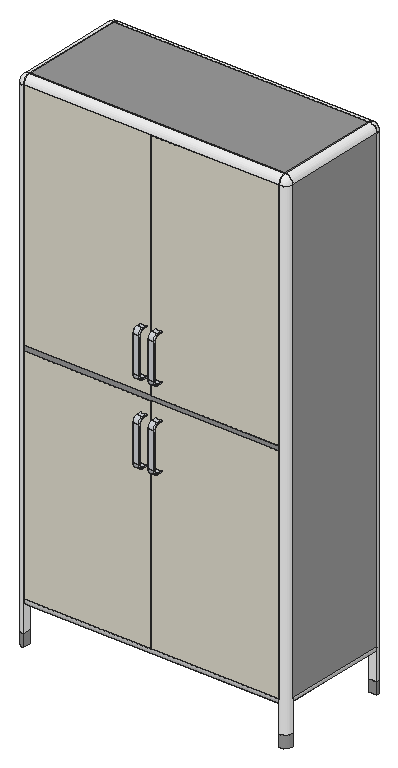
Revit family "Шкаф медицинский четырёхдверный ДМ-2-001-14", category Оборудование, Revit 2017
Family settings
  Размер круглого соединителя = Использовать диаметр
  Тип детали = Нормальный
  На основе рабочей плоскости = Нет
  Всегда вертикально = Да
  При загрузке вырезать с полостями = Нет
  Общий = Нет
  Точка расчета площади = Нет
Parameters (values of type "Тип")
  Фасад = Столешница медицинской мебели ДСП с пластиковым покрытием
  Ручки = Алюминий 7075
  Панели = Пластмасса, непрозрачная, белая
  Общ_Ширина = 900.0 mm
  Общ_Тип, марка = "ДМ-2-001-14"
  Общ_Примечание КР [instance] = ""
  Общ_Примечание АР [instance] = ""
  Общ_Примечание = ""
  Общ_Поставщик = "Доктор Мебель"
  Общ_Позиция = ""
  Общ_Наименование = "Шкаф медицинский четырёхдверный"
  Общ_Масса = ""
  Общ_Код продукции = ""
  Общ_Единицы измерения = "шт."
  Общ_Глубина = 400.0 mm
  Общ_Высота = 1700.0 mm
  Ножки = Пластмасса, непрозрачная, черная
  Keynote = ""
  Каркас = Алюминий 7075
  Длина ручек = 150.0 mm
  Model = ""
Reference planes
  plane 1 "По центру (Вперед/Назад)": y = 0
  plane 2: z = 0
  plane 3 "По центру (Влево/Вправо)": x = 0
  plane 4: x = 450
  plane 5: x = -450
  plane 6: y = 200
  plane 7: y = -200
  plane 8: y = 175
  plane 9: y = -175
Forms (mm)
  Extrusion 1, solid, material "Пластмасса, непрозрачная, черная" <- "Ножки", detail levels fine
    sketch origin (0, 0, 0) x (1, 0, 0) y (0, 1, 0)
      loop
        line (425, -175) -> (425, -200)
        arc (425, -200) -> (442.678, -192.678) -> (450, -175) r 25
        line (450, -175) -> (425, -175)
      loop
        line (425, 175) -> (450, 175)
        arc (450, 175) -> (442.678, 192.678) -> (425, 200) r 25
        line (425, 200) -> (425, 175)
      loop
        line (-425, -175) -> (-450, -175)
        arc (-450, -175) -> (-442.678, -192.678) -> (-425, -200) r 25
        line (-425, -200) -> (-425, -175)
      loop
        line (-425, 175) -> (-425, 200)
        arc (-425, 200) -> (-442.678, 192.678) -> (-450, 175) r 25
        line (-450, 175) -> (-425, 175)
    from 0 to 40
  Extrusion 2, solid, material "Алюминий 7075" <- "Каркас", detail levels fine
    sketch origin (0, 0, 0) x (1, 0, 0) y (0, 1, 0)
      loop
        arc (-425, 200) -> (-442.678, 192.678) -> (-450, 175) r 25
        line (-450, 175) -> (-425, 175) -> (-425, 200)
      loop
        line (425, 200) -> (425, 175) -> (450, 175)
        arc (450, 175) -> (442.678, 192.678) -> (425, 200) r 25
      loop
        line (450, -175) -> (425, -175) -> (425, -200)
        arc (425, -200) -> (442.678, -192.678) -> (450, -175) r 25
      loop
        line (-425, -200) -> (-425, -175) -> (-450, -175)
        arc (-450, -175) -> (-442.678, -192.678) -> (-425, -200) r 25
    from 1675 to 40
  Extrusion 3, solid, material "Пластмасса, непрозрачная, белая" <- "Панели", detail levels fine
    sketch origin (0, 0, 0) x (1, 0, 0) y (0, 1, 0)
      loop
        line (-425, 175) -> (-425, -175) -> (425, -175) -> (425, 175) -> (-425, 175)
    from 1675 to 1700
  Extrusion 4, solid, material "Пластмасса, непрозрачная, белая" <- "Панели", detail levels fine
    sketch origin (0, 0, 0) x (1, 0, 0) y (0, 1, 0)
      loop
        line (-425, 200) -> (-425, 184) -> (425, 184) -> (425, 200) -> (-425, 200)
      loop
        line (-450, 175) -> (-450, -175) -> (-434, -175) -> (-434, 175) -> (-450, 175)
      loop
        line (450, 175) -> (434, 175) -> (434, -175) -> (450, -175) -> (450, 175)
    from 1675 to 145
  Extrusion 5, solid, material "Столешница медицинской мебели ДСП с пластиковым покрытием" <- "Фасад", detail levels fine
    sketch origin (0, 0, 0) x (1, 0, 0) y (0, 1, 0)
      loop
        line (425, -184) -> (1, -184) -> (1, -200) -> (425, -200) -> (425, -184)
      loop
        line (-425, -184) -> (-425, -200) -> (-1, -200) -> (-1, -184) -> (-425, -184)
    from 145 to 884
  Extrusion 6, solid, material "Столешница медицинской мебели ДСП с пластиковым покрытием" <- "Фасад", detail levels fine
    sketch origin (0, 0, 0) x (1, 0, 0) y (0, 1, 0)
      loop
        line (425, -184) -> (1, -184) -> (1, -200) -> (425, -200) -> (425, -184)
      loop
        line (-425, -184) -> (-425, -200) -> (-1, -200) -> (-1, -184) -> (-425, -184)
    from 900 to 1675
  Revolve 7, solid, material "Алюминий 7075" <- "Каркас", detail levels fine
    sketch origin (0, 175, 1200) x (-1, 0, 0) y (0, 0, 1)
      loop
        arc (-425, 500) -> (-442.678, 492.678) -> (-450, 475) r 25
        line (-450, 475) -> (-425, 475) -> (-425, 500)
      axis (-425, 500) -> (-425, 475)
    angle from 0 to -90
  Revolve 8, solid, material "Алюминий 7075" <- "Каркас", detail levels fine
    sketch origin (0, 175, 1200) x (-1, 0, 0) y (0, 0, 1)
      loop
        line (425, 500) -> (425, 475) -> (450, 475)
        arc (450, 475) -> (442.678, 492.678) -> (425, 500) r 25
      axis (425, 500) -> (425, 475)
    angle from 0 to -90
  Revolve 9, solid, material "Алюминий 7075" <- "Каркас", detail levels fine
    sketch origin (0, -175, 1200) x (-1, 0, 0) y (0, 0, -1)
      loop
        line (-425, -500) -> (-425, -475) -> (-450, -475)
        arc (-450, -475) -> (-442.678, -492.678) -> (-425, -500) r 25
      axis (-425, -500) -> (-425, -475)
    angle from 0 to -90
  Revolve 10, solid, material "Алюминий 7075" <- "Каркас", detail levels fine
    sketch origin (0, -175, 1200) x (-1, 0, 0) y (0, 0, -1)
      loop
        arc (425, -500) -> (442.678, -492.678) -> (450, -475) r 25
        line (450, -475) -> (425, -475) -> (425, -500)
      axis (425, -500) -> (425, -475)
    angle from 0 to -90
  Extrusion 11, solid, material "Алюминий 7075" <- "Каркас", detail levels fine
    sketch origin (-450, 760, 1200) x (0, 1, 0) y (0, 0, 1)
      loop
        arc (-560, 475) -> (-567.322, 492.678) -> (-585, 500) r 25
        line (-585, 500) -> (-585, 475) -> (-560, 475)
      loop
        line (-960, 475) -> (-935, 475) -> (-935, 500)
        arc (-935, 500) -> (-952.678, 492.678) -> (-960, 475) r 25
    from 25 to 875
  Extrusion 12, solid, material "Алюминий 7075" <- "Каркас", detail levels fine
    sketch origin (-590, -200, 1200) x (-1, 0, 0) y (0, 0, 1)
      loop
        arc (-140, 475) -> (-147.322, 492.678) -> (-165, 500) r 25
        line (-165, 500) -> (-165, 475) -> (-140, 475)
      loop
        line (-1040, 475) -> (-1015, 475) -> (-1015, 500)
        arc (-1015, 500) -> (-1032.678, 492.678) -> (-1040, 475) r 25
    from 25 to 375
  Extrusion 13, solid, material "Пластмасса, непрозрачная, белая" <- "Панели", detail levels fine
    sketch origin (0, 0, 0) x (1, 0, 0) y (0, 1, 0)
      loop
        line (-425, 184) -> (-425, 175) -> (-434, 175) -> (-434, -175) -> (-425, -175) -> (-425, -184) -> (425, -184) -> (425, -175) -> (434, -175) -> (434, 175) -> (425, 175) -> (425, 184) -> (-425, 184)
    from 120 to 136
  Extrusion 14, solid, detail levels fine
    sketch origin (0, -175, 1200) x (-1, 0, 0) y (0, 0, -1)
      loop
        line (434, 640) -> (434, 656) -> (-434, 656) -> (-434, 640) -> (434, 640)
      loop
        line (434, 40) -> (434, 56) -> (-434, 56) -> (-434, 40) -> (434, 40)
      loop
        line (434, -220) -> (434, -204) -> (-434, -204) -> (-434, -220) -> (434, -220)
    from 0 to -350
  Extrusion 15, solid, material "Алюминий 7075" <- "Каркас", detail levels fine
    sketch origin (-450, 760, 620) x (0, 1, 0) y (0, 0, 1)
      loop
        line (-560, -475) -> (-585, -475) -> (-585, -500)
        arc (-585, -500) -> (-567.322, -492.678) -> (-560, -475) r 25
      loop
        arc (-960, -475) -> (-952.678, -492.678) -> (-935, -500) r 25
        line (-935, -500) -> (-935, -475) -> (-960, -475)
    from 25 to 875
  Extrusion 16, solid, material "Алюминий 7075" <- "Каркас", detail levels fine
    sketch origin (-590, -200, 620) x (-1, 0, 0) y (0, 0, 1)
      loop
        line (-140, -475) -> (-165, -475) -> (-165, -500)
        arc (-165, -500) -> (-147.322, -492.678) -> (-140, -475) r 25
      loop
        arc (-1040, -475) -> (-1032.678, -492.678) -> (-1015, -500) r 25
        line (-1015, -500) -> (-1015, -475) -> (-1040, -475)
    from 25 to 375
  Extrusion 17, solid, material "Пластмасса, непрозрачная, белая" <- "Панели", detail levels fine
    sketch origin (-590, -200, 1200) x (-1, 0, 0) y (0, 0, 1)
      loop
        line (-1015, -300) -> (-1015, -316) -> (-165, -316) -> (-165, -300) -> (-1015, -300)
    from 0 to 384
Lines and regions (mm)
  symbolic lines, detail levels coarse+medium
    curve 1: line (-450, 200, 0) -> (450, 200, 0)
    curve 2: line (-450, -200, 0) -> (-450, 200, 0)
    curve 3: line (450, -200, 0) -> (-450, -200, 0)
    curve 4: line (450, 200, 0) -> (450, -200, 0)
    curve 5: line (-450, -200, 0) -> (0, 200, 0)
    curve 6: line (450, -200, 0) -> (0, 200, 0)
Dimensions and locks
  aligned and locked: level to plane 2
  aligned and locked: curve 1 to plane 6
  aligned and locked: plane 5 to curve 2
  aligned and locked: plane 7 to curve 3
  aligned and locked: curve 4 to plane 4
Nested families
  nested 1: "Ручка дверная для корпусной мебели травмобезопасная" at (25, -200, 760), Материал <- "Ручки", Длина <- "Длина ручек", type "Вертикальная", detail levels fine
    with Материал Алюминий 7075, Длина 150.0 mm
  nested 2: "Ручка дверная для корпусной мебели травмобезопасная" at (-25, -200, 760) x (-1, 0, 0) z (0, 0, 1), Материал <- "Ручки", Длина <- "Длина ручек", type "Вертикальная", detail levels fine
    with Материал Алюминий 7075, Длина 150.0 mm
  nested 3: "Ручка дверная для корпусной мебели травмобезопасная" at (25, -200, 1025), Материал <- "Ручки", Длина <- "Длина ручек", type "Вертикальная", detail levels fine
    with Материал Алюминий 7075, Длина 150.0 mm
  nested 4: "Ручка дверная для корпусной мебели травмобезопасная" at (-25, -200, 1025) x (-1, 0, 0) z (0, 0, 1), Материал <- "Ручки", Длина <- "Длина ручек", type "Вертикальная", detail levels fine
    with Материал Алюминий 7075, Длина 150.0 mm
Definition of nested family "Ручка дверная для корпусной мебели травмобезопасная"
  Parameters (values of type "Вертикальная")
    Материал [instance] = none
    Keynote = ""
    Длина [instance] = 200.0 mm
    Model = ""
    Горизонтальная = no
    Вертикальная = yes
  Types (2, lengths in mm): name | Горизонтальная | Вертикальная
    Вертикальная | no | yes
    Горизонтальная | yes | no
  Reference planes
    plane 1 "По центру (Вперед/Назад)": y = 0
    plane 2: z = 0
    plane 3 "По центру (Влево/Вправо)": x = 0
    plane 4: z = 100
    plane 5: z = -100
    plane 6: x = -100
    plane 7: x = 100
  Forms (mm)
    Sweep 1, solid, visible <- "Вертикальная"
      path origin (-700, -1524, 571.719) x (0, 0, 1) y (0, -1, 0)
        loop
          line (-471.719, -1524) -> (-471.719, -1509)
          arc (-471.719, -1509) -> (-476.113, -1498.393) -> (-486.719, -1494) r 15
          line (-486.719, -1494) -> (-656.719, -1494)
          arc (-656.719, -1494) -> (-667.326, -1498.393) -> (-671.719, -1509) r 15
          line (-671.719, -1509) -> (-671.719, -1524)
      profile origin (-700, -7.5, 100) x (0, 0, -1) y (1, 0, 0)
        loop
          line (2.5, 691.5) -> (2.5, 708.5)
          arc (2.5, 708.5) -> (2.061, 709.561) -> (1, 710) r 1.5
          line (1, 710) -> (-1, 710)
          arc (-1, 710) -> (-2.061, 709.561) -> (-2.5, 708.5) r 1.5
          line (-2.5, 708.5) -> (-2.5, 691.5)
          arc (-2.5, 691.5) -> (-2.061, 690.439) -> (-1, 690) r 1.5
          line (-1, 690) -> (1, 690)
          arc (1, 690) -> (2.061, 690.439) -> (2.5, 691.5) r 1.5
    Sweep 2, solid, visible <- "Горизонтальная"
      path origin (-571.719, -1524, -700) x (-1, 0, 0) y (0, -1, 0)
        loop
          line (-471.719, -1524) -> (-471.719, -1509)
          arc (-471.719, -1509) -> (-476.113, -1498.393) -> (-486.719, -1494) r 15
          line (-486.719, -1494) -> (-656.719, -1494)
          arc (-656.719, -1494) -> (-667.326, -1498.393) -> (-671.719, -1509) r 15
          line (-671.719, -1509) -> (-671.719, -1524)
      profile origin (-100, -7.5, -700) x (1, 0, 0) y (0, 0, 1)
        loop
          line (2.5, 691.5) -> (2.5, 708.5)
          arc (2.5, 708.5) -> (2.061, 709.561) -> (1, 710) r 1.5
          line (1, 710) -> (-1, 710)
          arc (-1, 710) -> (-2.061, 709.561) -> (-2.5, 708.5) r 1.5
          line (-2.5, 708.5) -> (-2.5, 691.5)
          arc (-2.5, 691.5) -> (-2.061, 690.439) -> (-1, 690) r 1.5
          line (-1, 690) -> (1, 690)
          arc (1, 690) -> (2.061, 690.439) -> (2.5, 691.5) r 1.5
  Dimensions and locks
    "Длина": plane 4 to plane 5
    "Длина": plane 7 to plane 6
    equal spacing: plane 7, plane 3 "По центру (Влево/Вправо)", plane 6
    equal spacing: plane 4, level, plane 5
    aligned and locked: level to plane 2
    aligned and locked: plane 4 to Sweep 1 sketch curve
    aligned and locked: Sweep 1 sketch curve to plane 5
    aligned and locked: plane 7 to Sweep 2 sketch curve
    aligned and locked: Sweep 2 sketch curve to plane 6
  Automatic sketch dimensions
    Sweep 1 sketch curve to plane 1 "По центру (Вперед/Назад)" = 0.0 mm  (x2)
    plane 5 to Sweep 1 sketch curve = 15.0 mm
    plane 1 "По центру (Вперед/Назад)" to Sweep 1 sketch curve = 15.0 mm
    Sweep 1 sketch curve to plane 4 = 15.0 mm
    profile plane to Sweep 1 sketch curve = 2.5 mm
    profile plane to Sweep 1 sketch curve = 1.0 mm  (x2)
    Sweep 1 sketch curve to profile plane = 1.0 mm  (x2)
    Sweep 1 sketch curve to Sweep 1 sketch curve = 1.5 mm
    profile plane to Sweep 1 sketch curve = 690.0 mm
    Sweep 1 sketch curve to Sweep 1 sketch curve = 17.0 mm
    profile plane to Sweep 2 sketch curve = 2.5 mm
    profile plane to Sweep 2 sketch curve = 1.0 mm  (x2)
    Sweep 2 sketch curve to profile plane = 1.0 mm  (x2)
    Sweep 2 sketch curve to Sweep 2 sketch curve = 1.5 mm
    profile plane to Sweep 2 sketch curve = 690.0 mm
    Sweep 2 sketch curve to Sweep 2 sketch curve = 17.0 mm
    plane 1 "По центру (Вперед/Назад)" to Sweep 2 sketch curve = 0.0 mm  (x2)
    Sweep 2 sketch curve to plane 7 = 15.0 mm
    plane 1 "По центру (Вперед/Назад)" to Sweep 2 sketch curve = 15.0 mm
    plane 6 to Sweep 2 sketch curve = 15.0 mm
